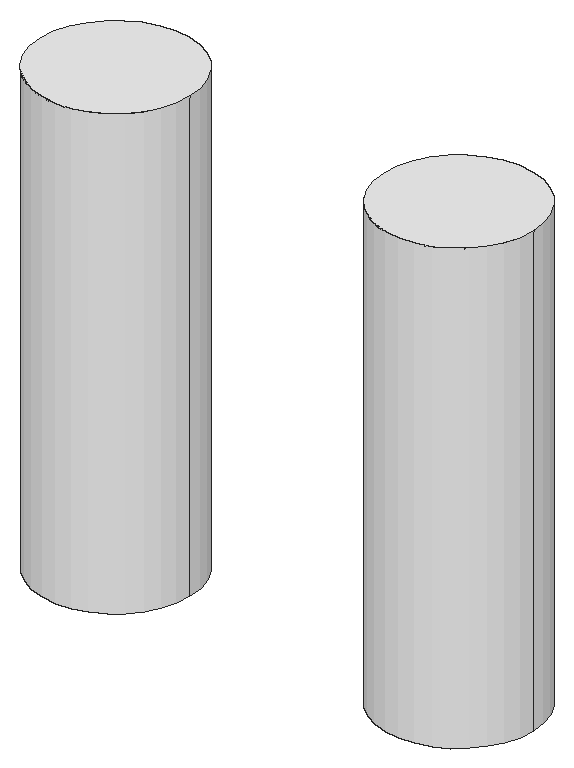
Revit family "563622030037", category Plumbing Fixtures, Revit 2018
Family settings
  Round Connector Dimension = Use Diameter
  Part Type = Normal
  OmniClass Number = 23.45.55.00
  OmniClass Title = Sanitary Faucets, Wastes
  Work Plane-Based = No
  Always vertical = Yes
  Cut with Voids When Loaded = No
  Shared = No
  Room Calculation Point = No
Parameters (values of type "563622030037 Washbasin faucet ")
  Working Pressure = "50 - 1000 kPa"
  WarrantyStartDate [instance] = "n/a"
  WarrantyGuarantorParts = "n/a"
  WarrantyGuarantorLabor = "n/a"
  WarrantyDurationUnit = "Year"
  WarrantyDurationParts = "n/a"
  WarrantyDurationLabor = "n/a"
  WarrantyDescription = "http://warranty.hansa.com"
  Warranty Information URL = "http://warranty.hansa.com"
  VersionDate = "01/07/2022"
  Version = "3"  # constant formula
  ValvePattern = "n/a"
  ValveOperation = "n/a"
  ValveMechanism = "n/a"
  Uniclass2015Reference = "Pr_40_20_87_96"
  Uniclass2015Description = "Washbasin manual water supply sets"
  Uniclass2 = "Pr_40_30_96_96"
  URL REACH = "http://static.hansa.com/doc/reach"
  URL Global Mark = "http://static.hansa.com/Globalmark/563622030037"
  URL Declaration of Conformity = "http://static.hansa.com/DoC/563622030037"
  URL = ""
  UNSPSC Class Number = "30181700 Faucets or taps"
  TestPressure = "n/a"
  Temperature Adjustments = "Limitation option for maximum temperature and flow-rate ;Adjustable hot water stop (included, retrofittable)"
  Technical DataSheet URL = "http://www.hansa.com/datasheet/563622030037/en"
  TagNumber [instance] = "n/a"
  SustainabilityPerformance = "n/a"
  Surface treatment = "Chrome"
  Spout Type = "Fixed spout"
  Spout Projection = "102 mm"
  Spare-Part Information URL = "http://static.hansa.com/sp/563622030037"
  Size = "50x135x135 mm"
  Shape = "Sculptured"
  SerialNumber [instance] = "n/a"
  Sales Package dimensions (LxWxH) = "540.0 x 146.0 x 59.0"
  Revision = "3"  # constant formula
  ReplacementCost = "n/a"
  ProductInformation = "n/a"
  Product URL = "http://static.hansa.com/563622030037"
  Product Image URL = "http://static.hansa.com/image/563622030037"
  Product Family = "HANSAPALENO "
  Product Code = "563622030037"
  OperatingMechanismMaterial = "n/a"
  NominalWidth = 48.9 mm
  NominalHeight = 136 mm
  NominalDepth = 137.1 mm
  Noise Class = "I (ISO3822)"
  Name_en = "563622030037 Washbasin faucet"
  Name = "563622030037 Washbasin faucet"
  NBSReference = "45-35-70/371"
  NBSDescription = "Water supply fittings for wash basins and troughs"
  Mounting Holes = "1 hole"
  ModelReference = "563622030037"
  ModelNumber = "n/a"
  Model = "563622030037 Washbasin faucet"
  Mobile Product Information URL = "http://mpi.hansa.com/563622030037"
  Mechanical Parts = "ø 35 mm ceramic cartridge for flow and temperature control"
  Max. Hot Water Supply = 70 °C
  Material = "Brass"
  Market = "International;Australia"
  ManufacturerURL = "http://www.hansa.com"
  ManufacturerName = "HANSA"
  Manufacturer = "HANSA"
  Lever Handle = "Hot/Cold symbols;Single operating lever/handle"
  Interactive AR View URL = "https://static.hansa.com/AR/563622030037"
  InstallationDate [instance] = "n/a"
  Installation and Maintenance Guide URL = "http://static.hansa.com/manual/563622030037"
  Installation Type = "Deck mounted"
  InletConnectionSize = 10 mm
  IfcExportType = "FAUCET"  # constant formula
  IfcExportAs = "IfcValveType"  # constant formula
  Group = "Washbasin faucet"
  Grade = "n/a"
  FlowCoefficient = 0
  Flow Rate At 300kPa With Flow Controller = 0.01 L/s
  Flow Drawing URL = "http://static.hansa.com/flowchart/563622030037"
  Finish = "Polished"
  Features = "Single-lever"
  FaucetMainMaterial = Brass
  FDV Document URL = "http://www.hansa.com/datasheet/563622030037/en/fdv"
  ExpectedLife = "n/a"
  Excluded Items = "Without pop-up waste"
  ETIM Class Number = "EC011328 Washbasin mixing tap"
  EN Standard = "EN 817"
  EAN Number = "4057304012068"
  DurationUnit = "Year"
  Dimension Drawing URL = "http://static.hansa.com/dimdrw/563622030037"
  Description = ""
  DefaultElevation [instance] = 900 mm
  Constituents = "n/a"
  Connection Size = "G1/2"
  Connection = "Flexible inlet pipes"
  Color = "Chrome"
  CodePerformance = "n/a"
  CloseOffRating = 0
  Certificate Global Mark = "GM-WM-040199-I02-R00"
  Category = "Bathroom"
  Catalog Drawing URL = "http://static.hansa.com/catdrw/563622030037"
  Brand = "HANSA"
  BodyMaterial = "Brass"
  Barcode [instance] = "n/a"
  BIMObjectName = "563622030037"
  Author = "BIMStone"
  AssetType = "Fixed"
  AssetIdentifier [instance] = "n/a"
  Aerator = "Standard aerator"
  Advanced Features = "3S-installation system for safe and simple mounting"
  AccessibilityPerformance = "n/a"
  3D View = "https://static.hansa.com/3D/563622030037"
  2D/3D/BIM Files URL = "http://static.hansa.com/bim/563622030037"
Reference planes
  plane 1 "Center (Front/Back)": y = 0
  plane 2: z = 0
  plane 3 "Center (Left/Right)": x = 0
  plane 4: x = -24.45
  plane 5: z = 900
  plane 6: z = 870
  plane 7: y = -137.1
  plane 8: x = 24.45
  plane 9: z = 1036
Forms (mm)
  Extrusion 1, solid, material "Brass" <- "FaucetMainMaterial"
    sketch origin (-44.989, 12.403, 0) x (1, 0, 0) y (0, 1, 0)
      loop
        circle (33.489, -36) r 5
      loop
        circle (56.489, -36) r 5
    from 870 to 900
Dimensions and locks
  "DefaultElevation": plane 5 to level
  locked: plane 5 to plane 6 at 30
  "NominalDepth": plane 7 to plane 1 "Center (Front/Back)"
  "NominalHeight": plane 9 to plane 5
  equal spacing: plane 4, plane 3 "Center (Left/Right)", plane 8
  "NominalWidth": plane 4 to plane 8
  "InletConnectionSize": diameter of Extrusion 1 sketch curve  (x2)
  aligned and locked: level to plane 2
  aligned and locked: plane 5 to Extrusion 1
  aligned and locked: Extrusion 1 to plane 6
  aligned and locked: nested 2 to plane 5
Automatic sketch dimensions
  Extrusion 1 sketch curve to plane 3 "Center (Left/Right)" = 11.5 mm
  plane 3 "Center (Left/Right)" to Extrusion 1 sketch curve = 11.5 mm
  plane 1 "Center (Front/Back)" to Extrusion 1 sketch curve = 23.597 mm  (x2)
Nested families
  nested 1: "Symbol" at (0, 0, 0), type "Symbol", detail levels coarse
  nested 2: "563622030037_p" at (0, 0, 900), Main <- "FaucetMainMaterial", type "563622030037_p"
    with Main Brass
Connectors
  piping at (-11.5, -23.597, 870), diameter 10, driven by "InletConnectionSize"
    settings: on Extrusion 1, index 1, connector inside diameter 609.6 mm, connector length 0 mm, flow factor 0, pipe flow 0.1 L/s, pressure drop 0.0 Pa, fitting loss kfactor 0, connector angle 0.00°, fixture units 0, engagement length 0 mm, angle of deflection 0.00°, flow configuration 1, flow direction 1, fitting loss method 0, system type 19, joint type 0, gender type 0, connector reference index -1, connector utility 0, adjustable connector no, is connector primary yes, connector description ""
  piping at (11.5, -23.597, 870), diameter 10, driven by "InletConnectionSize"
    settings: on Extrusion 1, index 2, connector inside diameter 609.6 mm, connector length 0 mm, flow factor 0, pipe flow 0.1 L/s, pressure drop 0.0 Pa, fitting loss kfactor 0, connector angle 0.00°, fixture units 0, engagement length 0 mm, angle of deflection 0.00°, flow configuration 1, flow direction 1, fitting loss method 0, system type 20, joint type 0, gender type 0, connector reference index -1, connector utility 0, adjustable connector no, is connector primary no, connector description ""
Definition of nested family "Symbol"
  Reference planes
    plane 1: y = 0
    plane 2: x = 0
  Lines and regions (mm)
    detail lines
      curve 1: line (0, 0, 0) -> (0, -1.8, 0)
      curve 2: line (-0.4, -1.1, 0) -> (0.4, -1.1, 0)
      curve 3: line (-0.4, -1.4, 0) -> (0.4, -1.4, 0)
      curve 4: line (0.863, 0, 0) -> (-0.863, 0, 0)
      curve 5: circle (-1.163, 0, 0) r 0.3 normal (0, 0, -1)
      curve 6: circle (1.163, 0, 0) r 0.3 normal (0, 0, 1)
